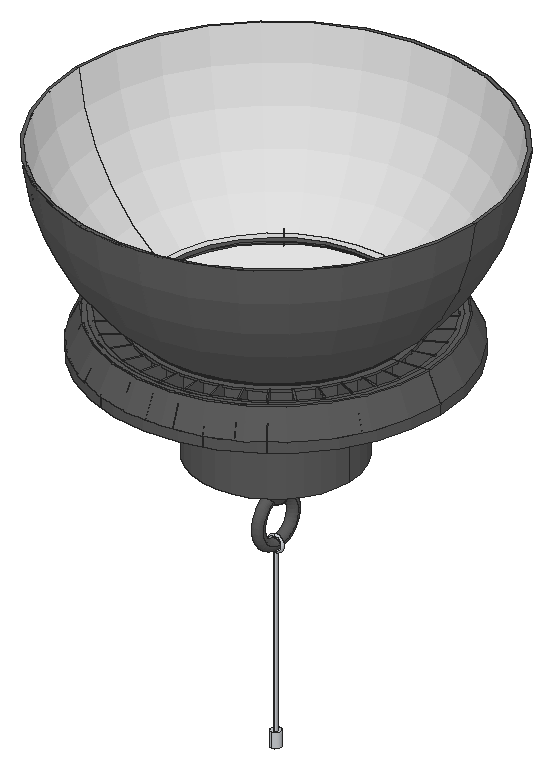
Revit family "0039346+0039360 Feilo Sylvania Lighting Fixture START HIGHBAY 4K 26KLM MEDIUM with ALU SHADE BLACK COLOR FOR 26KLM", category Lighting Fixtures, host Face, Revit 2017
Family settings
  Host = Face
  Round Connector Dimension = Use Diameter
  Part Type = Normal
  OmniClass Number = 23.80.70.00
  OmniClass Title = Lighting
  Cut with Voids When Loaded = No
  Light Source = Yes
  Shared = No
  Room Calculation Point = No
Parameters (values of type "0039346+0039360 START HIGHBAY 4K 26KLM MEDIUM ALU SHADE BLACK COLOR FOR 26KLM")
  WidthStraight_FEILO = if(SizeS_FEILO, 3 mm, if(SizeM_FEILO, 4 mm, 4.7 mm))  # 4.7 mm
  WidthRingChamfer_FEILO = if(SizeS_FEILO, 10.3 mm, if(SizeM_FEILO, 11.2 mm, 12.9 mm))  # 12.9 mm
  WidthCurved_FEILO = if(SizeS_FEILO, 17.4 mm, if(SizeM_FEILO, 16.4 mm, 26.2 mm))  # 26.2 mm
  WidthCurvedRing_FEILO = if(SizeS_FEILO, 3 mm, if(SizeM_FEILO, 4 mm, 4.7 mm))  # 4.7 mm
  WidthBracket_FEILO = 40 mm
  Weight = "3.7 kg"
  Wattage Comments = ""
  Wattage = 200 W
  WarrantyStartDate [instance] = "n/a"
  WarrantyGuarantorParts = "n/a"
  WarrantyDurationUnit = "n/a"
  WarrantyDurationParts = "n/a"
  WarrantyDescription = "n/a"
  built-in parameter 1150110 = 1 (stored number, unit not read)
  Voltage = 230 V
  VisibilityBracket_FEILO = no
  URL = "http://www.sylvania-lighting.com"
  TypeName = "START HIGHBAY 4K 26KLM MEDIUM ALU SHADE BLACK COLOR FOR 26KLM"
  Type Image = <None>
  Type Comments = "n/a"
  built-in parameter 1114217 = 1 (stored number, unit not read)
  Tilt Angle = -90.00°
  ThicknessWall_FEILO = 1.5 mm
  ThicknessBracket_FEILO = 1.5 mm
  ThicknessBracketHalf_FEILO = ThicknessBracket_FEILO / 2  # 0.75 mm
  built-in parameter 1150109 = 1 (stored number, unit not read)
  built-in parameter 1150134 = 12
  SuspensionHeight_FEILO [instance] = 400 mm
  built-in parameter 1150113 = 1 (stored number, unit not read)
  SizeS_FEILO = no
  SizeM_FEILO = no
  ShadeThickness_FEILO = 3 mm
  ShadeSizeSM_FEILO = or(SizeS_FEILO, SizeM_FEILO)  # no
  ShadeRadiusOut_FEILO = 205 mm
  ShadeRadiusIn_FEILO = if(ShadeSizeSM_FEILO, 95 mm, 121 mm)  # 121 mm
  ShadeRadiusBend_FEILO = if(ShadeSizeSM_FEILO, 210 mm, 210 mm)  # 210 mm
  ShadeHeight_FEILO = if(ShadeSizeSM_FEILO, 120 mm, 151 mm)  # 151 mm
  SerialNumber [instance] = "n/a"
  Rib4_FEILO = if(SizeS_FEILO, 18.1 mm, if(SizeM_FEILO, 13.6 mm, 14.6 mm))  # 14.6 mm
  Rib3_FEILO = if(SizeS_FEILO, 15.3 mm, if(SizeM_FEILO, 17.6 mm, 20.2 mm))  # 20.2 mm
  Rib2_FEILO = if(SizeS_FEILO, 3.6 mm, if(SizeM_FEILO, 3.9 mm, 4.5 mm))  # 4.5 mm
  Rib1_FEILO = if(SizeS_FEILO, 15.1 mm, if(SizeM_FEILO, 16.5 mm, 19 mm))  # 19 mm
  RadiusDiffuser_FEILO = if(SizeS_FEILO, 95.2 mm, if(SizeM_FEILO, 105.3 mm, 120 mm))  # 120 mm
  RadiusArrayPost_FEILO = DriverRadius_FEILO - 6 mm  # 70.4 mm
  RHRadius3_FEILO = if(SizeS_FEILO, 6.6 mm, if(SizeM_FEILO, 7.4 mm, 8.6 mm))  # 8.6 mm
  RHRadius2_FEILO = if(SizeS_FEILO, 11 mm, if(SizeM_FEILO, 12 mm, 14 mm))  # 14 mm
  RHRadius1_FEILO = if(SizeS_FEILO, 13.6 mm, if(SizeM_FEILO, 14.9 mm, 17.7 mm))  # 17.7 mm
  RHHeight4_FEILO = if(SizeS_FEILO, 7.3 mm, if(SizeM_FEILO, 8 mm, 9.2 mm))  # 9.2 mm
  RHHeight3_FEILO = if(SizeS_FEILO, 3.6 mm, if(SizeM_FEILO, 3.7 mm, 4.6 mm))  # 4.6 mm
  RHHeight2_FEILO = if(SizeS_FEILO, 2 mm, if(SizeM_FEILO, 2.2 mm, 2.6 mm))  # 2.6 mm
  RHHeight1_FEILO = if(SizeS_FEILO, 11.8 mm, if(SizeM_FEILO, 15.3 mm, 17.4 mm))  # 17.4 mm
  Photometric Web File = "0039346+0039360.ies"
  Material_5_FEILO = Shade-Sylvania-StartHighbay-Alu
  Material_3_FEILO = LED-Sylvania-StartHighbay-Glow
  PowerFactor = 0.95
  PowerConsumption = "200 W"
  NominalLength = 339 mm
  NominalHeight = 194 mm
  NominalDepth = 339 mm
  Name = "START HIGHBAY 4K 26KLM MEDIUM ALU SHADE BLACK COLOR FOR 26KLM"
  ModelReference = Name  # "START HIGHBAY 4K 26KLM MEDIUM ALU SHADE BLACK COLOR FOR 26KLM"
  ModelNumber = "0039346+0039360"
  Model = Name  # "START HIGHBAY 4K 26KLM MEDIUM ALU SHADE BLACK COLOR FOR 26KLM"
  Material = "aluminium alloy housing, polycarbonate diffuser"
  ManufacturerName = "Feilo Sylvania"
  Manufacturer = "Feilo Sylvania"
  LuminousEfficacy = "130 lm/W"
  built-in parameter 1150105 = 35336 (stored number, unit not read)
  Lumens = 26000 lm
  LuminaireType = ""
  built-in parameter 1150115 = 1 (stored number, unit not read)
  LightOutputRatio = "n/a"
  built-in parameter 1150137 = (empty or 0)
  built-in parameter 1150139 = (empty or 0)
  LampsType = Lamp  # "LED"
  LampNominalLuminous = "26000 lm"
  LampMacAdamStep = "n/a"
  LampColourTemperature = "4000 K"
  LampColourRenderingIndex = "80"
  built-in parameter 1150112 = 1 (stored number, unit not read)
  built-in parameter 1150114 = 1 (stored number, unit not read)
  Lamp = "LED"
  Keynote = "16500"
  InstallationDate [instance] = "n/a"
  InputVoltage = "220-240V~"
  InputNominalFrequency = "50/60 Hz"
  built-in parameter 1150132 = (empty or 0)
  built-in parameter 1150102 = (empty or 0)
  built-in parameter 1150107 = 4000 (stored number, unit not read)
  built-in parameter 1150138 = (empty or 0)
  IngressProtection = "IP65"
  ImpactProtectionIndex = "IK08"
  built-in parameter 1150106 = 353.36 (stored number, unit not read)
  IfcExportType = "IfcLightFixtureType"
  IfcExportAs = "IfcLightFixtureType"
  HeightRing_FEILO = if(SizeS_FEILO, 19.8 mm, if(SizeM_FEILO, 32 mm, 36.8 mm))  # 36.8 mm
  HeightRingChamfer_FEILO = if(SizeS_FEILO, 11.7 mm, if(SizeM_FEILO, 23.2 mm, 26.6 mm))  # 26.6 mm
  EyeThickness_FEILO = if(SizeS_FEILO, 8.4 mm, if(SizeM_FEILO, 9.2 mm, 10.5 mm))  # 10.5 mm
  EyeThicknessHalf_FEILO = EyeThickness_FEILO / 2  # 5.25 mm
  EyeInner_FEILO = if(SizeS_FEILO, 13.8 mm, if(SizeM_FEILO, 15.1 mm, 17.3 mm))  # 17.3 mm
  ExpectedLife = 50000
  Emit from Circle Diameter = RadiusDiffuser_FEILO * 2  # 240 mm
  Emit Shape Visible in Rendering = no
  ElectricShockClassification = "Class I"
  built-in parameter 1150104 = 12.077 (stored number, unit not read)
  DurationUnit = "hours"
  DriverVerticalStraight_FEILO = if(SizeS_FEILO, 46.5 mm, if(SizeM_FEILO, 49.7 mm, 57 mm))  # 57 mm
  DriverVerticalChamfer_FEILO = if(SizeS_FEILO, 7.5 mm, if(SizeM_FEILO, 8.2 mm, 9.5 mm))  # 9.5 mm
  DriverRadius_FEILO = if(SizeS_FEILO, 61.4 mm, if(SizeM_FEILO, 67.2 mm, 76.4 mm))  # 76.4 mm
  DriverRadiusTop_FEILO = if(SizeS_FEILO, 42 mm, if(SizeM_FEILO, 45.3 mm, 52.4 mm))  # 52.4 mm
  DriverBottom_FEILO = if(SizeS_FEILO, 56 mm, if(SizeM_FEILO, 64.5 mm, 74 mm))  # 74 mm
  DocumentationLiterature = "http://www.sylvania-lighting.com/product/en-int/products/0039346"
  DimmingControlOptions = "n/a"
  Material_2_FEILO = Diffuser-Sylvania-StartHighbay-Transparent
  Radius_FEILO = if(SizeS_FEILO, 135 mm, if(SizeM_FEILO, 148 mm, 169.5 mm))  # 169.5 mm
  Dimming Lamp Color Temperature Shift = <None>
  DiameterWire_FEILO = 3 mm
  DiameterWireSupport_FEILO = 10 mm
  Description = "START HIGHBAY, includes 1 m cables, black aluminium housing, 26000LM, 200W, 130lm/W, 4000K, Driver current: 5000mA, CR80, 60° beam angle, 1-10V dimmable,  IP65, IK08, 50,000 hrs (L70B50), (LxWxH) 339x339x194mm"
  Default Elevation = 1219.2 mm
  CreatedOn = "2/28/2018"
  CreatedBy = ""
  Cost = 0
  Color Filter = 16777215
  built-in parameter 1114216 [instance] = (empty or 0)
  ClassificationValue = "EF_70_80"
  ClassificationName = "Uniclass2015"
  Material_1_FEILO = Body-Sylvania-StartHighbay-Black
  BarCode [instance] = "n/a"
  built-in parameter 1114218 = 1 (stored number, unit not read)
  built-in parameter 1150133 = 10 (stored number, unit not read)
  AssetType = "Fixed"
  AssetIdentifier [instance] = "n/a"
  Assembly Code = "D5020200"
  Apparent Load = 200 VA
  Material_4_FEILO = Shade-Sylvania-StartHighbay-Black
Reference planes
  plane 1 "Center (Front/Back)": y = 0
  plane 2: z = 0
  plane 3 "Center (Left/Right)": x = 0
  plane 4: z = 400
  plane 5: x = -169.5
  plane 6: x = -156.6
  plane 7: z = 373.4
  plane 8: z = 363.2
  plane 9: x = -151.9
  plane 10: z = 397.375
  plane 11: x = -125.7
  plane 12: x = -120
  plane 13: x = -147.2
  plane 14: z = 398.375
  plane 15: z = 396.375
  plane 16: x = -117
  plane 17: z = 395.375
  plane 18: x = -168
  plane 19: x = -150.5
  plane 20: z = 358.7
  plane 21: x = -130.3
  plane 22: z = 344.1
  plane 23: x = -20
  plane 24: z = 326
  plane 25: x = -76.4
  plane 26: z = 269
  plane 27: x = -52.4
  plane 28: z = 259.5
  plane 29: x = -17.7
  plane 30: z = 242.1
  plane 31: z = 239.5
  plane 32: x = -14
  plane 33: z = 234.9
  plane 34: z = 225.7
  plane 35: x = -8.6
  plane 36: z = 208.4
  plane 37: z = 191.1
  plane 38: x = 5.25
  plane 39: x = -5.25
  plane 40: z = 180.6
  plane 41: z = 185.85
  plane 42: x = -162.3
  plane 43: x = -167
  plane 44: z = 361.7
  plane 45: x = -155.1
  plane 46: z = 297.5
  plane 47: y = -20
  plane 48: y = 20
  plane 49: x = 169.5
  plane 50: x = 156.6
  plane 51: x = 168
  plane 52: x = 162.3
  plane 53: x = 167
  plane 54: x = 155.1
  plane 55: z = 194.1
  plane 56: y = 1.5
  plane 57: y = -1.5
  plane 58: z = 192.6
  plane 59: z = 179.1
  plane 60: z = 177.6
  plane 61: y = -5
  plane 62: y = 5
  plane 63: z = 14
  plane 64: x = -205
  plane 65: z = 551
  plane 66: x = -121
  plane 67: x = -113
  plane 68: x = -202
  plane 69: z = 403
Forms (mm)
  Revolve 1, solid, material "Body-Sylvania-StartHighbay-Black" <- "Material_1_FEILO", detail levels medium+fine
    sketch origin (0, 0, 0) x (1, 0, 0) y (0, 0, 1)
      loop
        line (-169.5, 363.2) -> (-168, 363.2) -> (-168, 373.055) -> (-156.206, 397.375) -> (-147.2, 397.375) -> (-147.2, 399.137)
        arc (-147.2, 399.137) -> (-149.554, 399.547) -> (-151.9, 400) r 132.063
        line (-151.9, 400) -> (-156.141, 400)
        arc (-156.141, 400) -> (-156.63, 399.826) -> (-156.899, 399.383) r 0.774
        line (-156.899, 399.383) -> (-169.5, 373.4) -> (-169.5, 363.2)
      axis (0, 400) -> (0, 363.2)
    angle from 360 to 0
  Revolve 2, solid, material "Body-Sylvania-StartHighbay-Black" <- "Material_1_FEILO", detail levels medium+fine
    sketch origin (0, 0, 0) x (1, 0, 0) y (0, 0, 1)
      loop
        line (-125.7, 395.375) -> (-120, 395.375) -> (-120, 373.4) -> (0, 373.4) -> (0, 395.375) -> (-117, 395.375) -> (-117, 396.375) -> (-120, 396.375) -> (-120, 397.375) -> (-125.7, 397.375) -> (-125.7, 395.375)
      axis (0, 397.375) -> (0, 373.4)
    angle from 360 to 0
  Revolve 3, solid, material "Diffuser-Sylvania-StartHighbay-Transparent" <- "Material_2_FEILO", detail levels medium+fine
    sketch origin (0, 0, 0) x (1, 0, 0) y (0, 0, 1)
      loop
        line (-120, 396.375) -> (0, 396.375) -> (0, 398.375) -> (-120, 398.375) -> (-120, 396.375)
      axis (0, 398.375) -> (0, 396.375)
    angle from 360 to 0
  Revolve 4, solid, material "Body-Sylvania-StartHighbay-Black" <- "Material_1_FEILO"
    sketch origin (0, 0, 0) x (1, 0, 0) y (0, 0, 1)
      loop
        line (-76.4, 344.1) -> (-76.4, 269) -> (-52.4, 259.5) -> (-17.7, 259.5) -> (-17.7, 242.1) -> (-14, 239.5) -> (-14, 234.9) -> (-9.037, 226.426)
        arc (-9.037, 226.426) -> (-8.49, 225.894) -> (-7.753, 225.7) r 1.5
        line (-7.753, 225.7) -> (0, 225.7) -> (0, 344.1) -> (-76.4, 344.1)
      axis (0, 344.1) -> (0, 225.7)
    angle from 360 to 0
  Revolve 5, solid, material "Body-Sylvania-StartHighbay-Black" <- "Material_1_FEILO"
    sketch origin (0, 0, 0) x (1, 0, 0) y (0, 0, 1)
      loop
        circle (0, 185.85) r 5.25
      axis (5.25, 208.4) -> (-5.25, 208.4)
    angle from 360 to 0
  Extrusion 6, solid, material "Body-Sylvania-StartHighbay-Black" <- "Material_1_FEILO", visible <- "VisibilityBracket_FEILO"
    sketch origin (0, 0, 0) x (1, 0, 0) y (0, 0, 1)
      loop
        line (-167, 363.2) -> (-167, 361.7) -> (-157.35, 361.7)
        arc (-157.35, 361.7) -> (-156.82, 361.48) -> (-156.6, 360.95) r 0.75
        line (-156.6, 360.95) -> (-156.6, 297.5) -> (-155.1, 297.5) -> (-155.1, 361.7)
        arc (-155.1, 361.7) -> (-155.539, 362.761) -> (-156.6, 363.2) r 1.5
        line (-156.6, 363.2) -> (-167, 363.2)
      loop
        line (167, 363.2) -> (156.6, 363.2)
        arc (156.6, 363.2) -> (155.539, 362.761) -> (155.1, 361.7) r 1.5
        line (155.1, 361.7) -> (155.1, 297.5) -> (156.6, 297.5) -> (156.6, 360.95)
        arc (156.6, 360.95) -> (156.82, 361.48) -> (157.35, 361.7) r 0.75
        line (157.35, 361.7) -> (167, 361.7) -> (167, 363.2)
    from -20 to 20
  Extrusion 7, void
    sketch origin (0, 0, 0) x (0, 1, 0) y (0, 0, 1)
      loop
        arc (-10, 297.5) -> (-17.071, 300.429) -> (-20, 307.5) r 10
        line (-20, 307.5) -> (-25, 307.5) -> (-25, 292.5) -> (-10, 292.5) -> (-10, 297.5)
      loop
        line (10, 297.5) -> (10, 292.5) -> (25, 292.5) -> (25, 307.5) -> (20, 307.5)
        arc (20, 307.5) -> (17.071, 300.429) -> (10, 297.5) r 10
    from -156.6 to 156.6
  Revolve 8, solid, material "Body-Sylvania-StartHighbay-Black" <- "Material_1_FEILO", detail levels coarse
    sketch origin (0, 0, 0) x (1, 0, 0) y (0, 0, 1)
      loop
        line (0, 400) -> (-156.6, 400) -> (-169.5, 373.4) -> (-169.5, 363.2) -> (-150.5, 363.2) -> (-150.5, 358.7) -> (-130.3, 344.1) -> (0, 344.1) -> (0, 400)
      axis (0, 400) -> (0, 344.1)
    angle from 360 to 0
  Revolve 9, solid
    sketch origin (0, 0, 0) x (0, 1, 0) y (0, 0, 1)
      loop
        circle (0, 192.6) r 1.5
      axis (1.5, 185.85) -> (-1.5, 185.85)
    angle from 360 to 0
  Revolve 10, solid
    sketch origin (0, 0, 0) x (0, 1, 0) y (0, 0, 1)
      loop
        line (0, 0) -> (0, 179.1) -> (-1.5, 179.1) -> (-1.5, 14) -> (-5, 14) -> (-5, 0) -> (0, 0)
      axis (0, 0) -> (0, 179.1)
    angle from 360 to 0
  Revolve 11, solid, material "Shade-Sylvania-StartHighbay-Black" <- "Material_4_FEILO"
    sketch origin (0, 0, 0) x (1, 0, 0) y (0, 0, 1)
      loop
        line (-121, 400) -> (-113, 400) -> (-113, 403) -> (-120.341, 403)
        arc (-120.341, 403) -> (-177.055, 468.269) -> (-202.193, 551) r 207.203
        line (-202.193, 551) -> (-205, 551)
        arc (-205, 551) -> (-179.25, 466.46) -> (-121, 400) r 210
      axis (0, 551) -> (0, 400)
    angle from 360 to 0
Cuts and joins
  Extrusion 7 cuts Extrusion 6
Lines and regions (mm)
  reference lines
    curve 1: line (-169.5, 0, 373.4) -> (-156.6, 0, 400)
    curve 2: line (-125.7, 0, 397.375) -> (0, 0, 397.375)
    curve 3: arc (-125.7, 0, 397.375) -> (-138.866, 0, 398.033) -> (-151.9, 0, 400) r 132.063
    curve 4: line (-156.6, 0, 400) -> (-151.9, 0, 400)
    curve 5: line (-156.206, 0, 397.375) -> (-168, 0, 373.055)
    curve 6: line (-150.5, 0, 358.7) -> (-130.3, 0, 344.1)
    curve 7: line (-14, 0, 234.9) -> (-8.6, 0, 225.7)
    curve 8: circle (0, 0, 185.85) r 5.25 normal (0, -1, 0)
    curve 9: arc (-121, 0, 400) -> (-179.25, 0, 466.46) -> (-205, 0, 551) r 210
Dimensions and locks
  "Radius_FEILO": plane 3 "Center (Left/Right)" to plane 5
  "WidthRingChamfer_FEILO": plane 6 to plane 5
  "WidthStraight_FEILO": plane 9 to plane 6
  "WidthCurvedRing_FEILO": plane 13 to plane 9
  locked: plane 10 to plane 15 at 1
  locked: plane 14 to plane 10 at 1
  locked: plane 4 to plane 10 at 2.625
  locked: plane 15 to plane 17 at 1
  "ThicknessWall_FEILO": plane 18 to plane 5
  "ThicknessWall_FEILO": curve 5 to curve 1
  "HeightRingChamfer_FEILO": plane 4 to plane 7
  "HeightRing_FEILO": plane 4 to plane 8
  "RadiusDiffuser_FEILO": plane 3 "Center (Left/Right)" to plane 12
  locked: plane 16 to plane 12 at 3
  "WidthCurved_FEILO": plane 11 to plane 9
  "SuspensionHeight_FEILO": plane 4 to plane 2
  "Rib1_FEILO": plane 19 to plane 5
  "Rib2_FEILO": plane 8 to plane 20
  "Rib3_FEILO": plane 21 to plane 19
  "Rib4_FEILO": plane 20 to plane 22
  locked: plane 3 "Center (Left/Right)" to plane 23 at 20
  "DriverBottom_FEILO": plane 4 to plane 24
  "DriverRadius_FEILO": plane 3 "Center (Left/Right)" to plane 25
  "DriverVerticalStraight_FEILO": plane 24 to plane 26
  "DriverRadiusTop_FEILO": plane 3 "Center (Left/Right)" to plane 27
  "DriverVerticalChamfer_FEILO": plane 26 to plane 28
  "RHRadius1_FEILO": plane 3 "Center (Left/Right)" to plane 29
  "RHHeight2_FEILO": plane 30 to plane 31
  "RHRadius2_FEILO": plane 3 "Center (Left/Right)" to plane 32
  "RHHeight3_FEILO": plane 31 to plane 33
  "RHHeight4_FEILO": plane 33 to plane 34
  "RHRadius3_FEILO": plane 3 "Center (Left/Right)" to plane 35
  "RHHeight1_FEILO": plane 28 to plane 30
  "EyeInner_FEILO": plane 34 to plane 36
  "EyeInner_FEILO": plane 36 to plane 37
  equal spacing: plane 38, plane 3 "Center (Left/Right)", plane 39
  "EyeThickness_FEILO": plane 38 to plane 39
  "EyeThickness_FEILO": plane 37 to plane 40
  equal spacing: plane 37, plane 41, plane 40
  equal spacing: plane 6, plane 42, plane 18
  "ThicknessBracket_FEILO": plane 45 to plane 6
  "ThicknessBracket_FEILO": plane 8 to plane 44
  locked: plane 43 to plane 18 at 1
  equal spacing: plane 24, plane 46, plane 26
  equal spacing: plane 47, plane 1 "Center (Front/Back)", plane 48
  "WidthBracket_FEILO": plane 47 to plane 48
  "WidthRingChamfer_FEILO": plane 50 to plane 49
  "ThicknessWall_FEILO": plane 51 to plane 49
  equal spacing: plane 50, plane 52, plane 51
  "ThicknessBracket_FEILO": plane 54 to plane 50
  locked: plane 53 to plane 51 at 1
  "Radius_FEILO": plane 49 to plane 3 "Center (Left/Right)"
  equal spacing: plane 57, imposter light, plane 56
  "DiameterWire_FEILO": plane 57 to plane 56
  "DiameterWire_FEILO": plane 37 to plane 55
  equal spacing: plane 37, plane 58, plane 55
  "DiameterWire_FEILO": plane 60 to plane 40
  equal spacing: plane 60, plane 59, plane 40
  equal spacing: plane 61, plane 1 "Center (Front/Back)", plane 62
  "DiameterWireSupport_FEILO": plane 61 to plane 62
  locked: plane 63 to plane 2 at 14
  "ShadeRadiusOut_FEILO": plane 3 "Center (Left/Right)" to plane 64
  "ShadeHeight_FEILO": plane 65 to plane 4
  "ShadeRadiusIn_FEILO": plane 3 "Center (Left/Right)" to plane 66
  locked: plane 67 to plane 66 at 8
  "ShadeThickness_FEILO": plane 69 to plane 4
  "ShadeThickness_FEILO": plane 68 to plane 64
  "EyeThicknessHalf_FEILO": radius of curve 8
  "ThicknessBracket_FEILO": radius of Extrusion 6 sketch curve  (x2)
  "ThicknessBracketHalf_FEILO": radius of Extrusion 6 sketch curve  (x2)
  "DiameterWire_FEILO": diameter of Revolve 9 sketch curve
  "ShadeRadiusBend_FEILO": radius of curve 9
  aligned and locked: plane 2 to host face
  aligned and locked: level to host face
  aligned and locked: plane 5 to curve 1
  aligned and locked: plane 6 to curve 1
  aligned and locked: plane 7 to curve 1
  aligned and locked: plane 10 to curve 2
  aligned and locked: plane 9 to curve 3
  aligned and locked: plane 4 to curve 3
  aligned and locked: plane 11 to curve 3
  aligned and locked: plane 4 to curve 4
  aligned and locked: plane 18 to curve 5
  aligned and locked: plane 10 to curve 5
  aligned and locked: Revolve 1 sketch curve to plane 3 "Center (Left/Right)"
  aligned and locked: Revolve 1 sketch curve to curve 3
  aligned and locked: Revolve 1 sketch curve to curve 1
  aligned and locked: plane 4 to Revolve 1 sketch curve
  aligned and locked: plane 9 to Revolve 1 sketch curve
  aligned and locked: Revolve 1 sketch curve to plane 13
  aligned and locked: Revolve 1 sketch curve to plane 10
  aligned and locked: plane 13 to Revolve 1 sketch curve
  aligned and locked: plane 10 to Revolve 1 sketch curve
  aligned and locked: Revolve 1 sketch curve to plane 18
  aligned and locked: Revolve 1 sketch curve to plane 8
  aligned and locked: plane 5 to Revolve 1 sketch curve  (x2)
  aligned and locked: Revolve 2 sketch curve to plane 3 "Center (Left/Right)"
  aligned and locked: plane 11 to Revolve 2 sketch curve
  aligned and locked: Revolve 2 sketch curve to curve 2
  aligned and locked: plane 15 to Revolve 2 sketch curve
  aligned and locked: Revolve 2 sketch curve to plane 16
  aligned and locked: plane 17 to Revolve 2 sketch curve  (x2)
  aligned and locked: Revolve 2 sketch curve to plane 12
  aligned and locked: plane 7 to Revolve 2 sketch curve
  aligned and locked: Revolve 3 sketch curve to plane 3 "Center (Left/Right)"
  aligned and locked: Revolve 3 sketch curve to plane 14
  aligned and locked: plane 3 "Center (Left/Right)" to Revolve 3 sketch curve
  aligned and locked: Revolve 3 sketch curve to plane 12
  aligned and locked: plane 15 to Revolve 3 sketch curve
  aligned and locked: Revolve 1 sketch curve to curve 5
  aligned and locked: plane 22 to curve 6
  aligned and locked: plane 21 to curve 6
  aligned and locked: plane 20 to curve 6
  aligned and locked: plane 19 to curve 6
  aligned and locked: plane 33 to curve 7
  aligned and locked: plane 32 to curve 7
  aligned and locked: plane 35 to curve 7
  aligned and locked: plane 34 to curve 7
  aligned and locked: Revolve 4 sketch curve to plane 3 "Center (Left/Right)"
  aligned and locked: Revolve 4 sketch curve to plane 25
  aligned and locked: plane 27 to Revolve 4 sketch curve
  aligned and locked: plane 28 to Revolve 4 sketch curve
  aligned and locked: plane 30 to Revolve 4 sketch curve
  aligned and locked: Revolve 4 sketch curve to plane 29
  aligned and locked: plane 31 to Revolve 4 sketch curve
  aligned and locked: Revolve 4 sketch curve to curve 7
  aligned and locked: Revolve 4 sketch curve to plane 32
  aligned and locked: plane 34 to Revolve 4 sketch curve
  aligned and locked: plane 3 "Center (Left/Right)" to Revolve 4 sketch curve
  aligned and locked: plane 3 "Center (Left/Right)" to curve 8
  aligned and locked: plane 41 to curve 8
  aligned and locked: Revolve 5 sketch curve to plane 36
  aligned and locked: Revolve 5 sketch curve to curve 8
  aligned and locked: plane 43 to Extrusion 6 sketch curve  (x2)
  aligned and locked: plane 8 to Extrusion 6 sketch curve  (x3)
  aligned and locked: Extrusion 6 sketch curve to plane 45
  aligned and locked: Extrusion 6 sketch curve to plane 46  (x2)
  aligned and locked: plane 6 to Extrusion 6 sketch curve
  aligned and locked: Extrusion 6 sketch curve to plane 44  (x2)
  aligned and locked: Extrusion 6 to plane 48
  aligned and locked: plane 47 to Extrusion 6
  aligned and locked: plane 53 to Extrusion 6 sketch curve
  aligned and locked: plane 50 to Extrusion 6 sketch curve
  aligned and locked: Extrusion 6 sketch curve to plane 54
  aligned and locked: Extrusion 7 sketch curve to Extrusion 7 sketch curve
  aligned and locked: Extrusion 7 to plane 6
  aligned and locked: Extrusion 7 to Extrusion 6
  aligned and locked: Revolve 4 sketch curve to plane 22
  aligned and locked: plane 23 to nested 1
  aligned and locked: plane 1 "Center (Front/Back)" to nested 1
  aligned and locked: Revolve 8 sketch curve to plane 3 "Center (Left/Right)"
  aligned and locked: Revolve 8 sketch curve to plane 4
  aligned and locked: plane 6 to Revolve 8 sketch curve
  aligned and locked: plane 4 to Revolve 8 sketch curve
  aligned and locked: plane 7 to Revolve 8 sketch curve
  aligned and locked: Revolve 8 sketch curve to plane 5
  aligned and locked: plane 8 to Revolve 8 sketch curve  (x2)
  aligned and locked: Revolve 8 sketch curve to plane 19
  aligned and locked: plane 20 to Revolve 8 sketch curve
  aligned and locked: plane 19 to Revolve 8 sketch curve
  aligned and locked: plane 21 to Revolve 8 sketch curve
  aligned and locked: plane 22 to Revolve 8 sketch curve  (x2)
  aligned and locked: Revolve 8 sketch curve to Revolve 8 sketch curve
  aligned and locked: imposter light to plane 4
  aligned and locked: plane 3 "Center (Left/Right)" to imposter light
  aligned and locked: imposter light to plane 1 "Center (Front/Back)"
  aligned and locked: Revolve 9 sketch curve to plane 41
  aligned and locked: Revolve 10 sketch curve to plane 1 "Center (Front/Back)"
  aligned and locked: plane 1 "Center (Front/Back)" to Revolve 10 sketch curve  (x2)
  aligned and locked: host face to Revolve 10 sketch curve
  aligned and locked: plane 63 to Revolve 10 sketch curve
  aligned and locked: Revolve 10 sketch curve to plane 61
  aligned and locked: Revolve 10 sketch curve to plane 57
  aligned and locked: plane 59 to Revolve 10 sketch curve
  aligned and locked: plane 64 to curve 9
  aligned and locked: plane 65 to curve 9
  aligned and locked: plane 66 to curve 9
  aligned and locked: plane 4 to curve 9
  aligned and locked: Revolve 11 sketch curve to curve 9
  aligned and locked: plane 67 to Revolve 11 sketch curve
  aligned and locked: plane 66 to Revolve 11 sketch curve
  aligned and locked: plane 65 to Revolve 11 sketch curve  (x2)
  aligned and locked: Revolve 11 sketch curve to plane 67
  aligned and locked: plane 69 to Revolve 11 sketch curve
Automatic sketch dimensions
  host sketch curve to host sketch curve = 2438.4 mm  (x2)
  Revolve 1 sketch curve to plane 6 = 0.299 mm
  plane 6 to Revolve 1 sketch curve = 0.459 mm
  Revolve 1 sketch curve to level = 609.6 mm
  Revolve 1 sketch curve to Revolve 1 sketch curve = 2312.223 mm
  Revolve 2 sketch curve to plane 12 = 0 mm
  Revolve 2 sketch curve to plane 3 "Center (Left/Right)" = 0 mm
  Revolve 2 sketch curve to level = 609.6 mm
  Revolve 2 sketch curve to plane 4 = 2339.058 mm
  Revolve 3 sketch curve to level = 609.6 mm
  Revolve 3 sketch curve to plane 4 = 2339.058 mm
  Revolve 5 sketch curve to plane 5 = 1080 mm
  plane 38 to Revolve 5 sketch curve = 1219.2 mm
  Extrusion 7 sketch curve to plane 47 = 0 mm
  plane 46 to Extrusion 7 sketch curve = 0 mm  (x2)
  Extrusion 7 sketch curve to plane 48 = 0 mm
  plane 47 to Extrusion 7 sketch curve = 5 mm
  plane 1 "Center (Front/Back)" to Extrusion 7 sketch curve = 10 mm
  Extrusion 7 sketch curve to Extrusion 7 sketch curve = 10 mm
  plane 46 to Extrusion 7 sketch curve = 5 mm
  Extrusion 7 sketch curve to Extrusion 7 sketch curve = 5 mm
  Extrusion 7 sketch curve to plane 48 = 5 mm
  Revolve 4 sketch curve to plane 26 = 0 mm
  Revolve 4 sketch curve to plane 35 = 0.437 mm
  plane 35 to Revolve 4 sketch curve = 0.847 mm
  Revolve 4 sketch curve to plane 34 = 0.726 mm
  plane 40 to Revolve 4 sketch curve = 590.2 mm
  Revolve 4 sketch curve to plane 4 = 2339.058 mm
  Revolve 8 sketch curve to level = 609.6 mm
  Revolve 8 sketch curve to Revolve 8 sketch curve = 2386.058 mm
  Revolve 9 sketch curve to plane 1 "Center (Front/Back)" = 0 mm
  plane 58 to Revolve 9 sketch curve = 0 mm
  plane 47 to Revolve 9 sketch curve = 2534.941 mm
  Revolve 9 sketch curve to plane 48 = 2077.409 mm
  Revolve 10 sketch curve to Revolve 10 sketch curve = 609.6 mm
  Revolve 10 sketch curve to plane 4 = 2123.807 mm
  curve 2 to plane 3 "Center (Left/Right)" = 0 mm
  Revolve 11 sketch curve to Revolve 11 sketch curve = 0 mm  (x2)
  Revolve 11 sketch curve to plane 3 "Center (Left/Right)" = 0 mm
  plane 66 to Revolve 11 sketch curve = 0.659 mm
  Revolve 11 sketch curve to level = 609.6 mm
  Revolve 11 sketch curve to Revolve 11 sketch curve = 2068.248 mm
Nested families
  nested 1: "Start Highbay Rib" at (0, 0, 397.375), type "Type Name", detail levels medium+fine
    with SuspensionHeight_FEILO 2.6 mm
  nested 2: "Start Highbay Rib" at (0, 0, 397.375) x (0.9877, 0.1564, 0) z (0, 0, 1), type "Type Name", detail levels medium+fine
    with SuspensionHeight_FEILO 2.6 mm
  nested 3: "Start Highbay Rib" at (0, 0, 397.375) x (0.9511, 0.309, 0) z (0, 0, 1), type "Type Name", detail levels medium+fine
    with SuspensionHeight_FEILO 2.6 mm
  nested 4: "Start Highbay Rib" at (0, 0, 397.375) x (0.891, 0.454, 0) z (0, 0, 1), type "Type Name", detail levels medium+fine
    with SuspensionHeight_FEILO 2.6 mm
  nested 5: "Start Highbay Rib" at (0, 0, 397.375) x (0.809, 0.5878, 0) z (0, 0, 1), type "Type Name", detail levels medium+fine
    with SuspensionHeight_FEILO 2.6 mm
  nested 6: "Start Highbay Rib" at (0, 0, 397.375) x (0.7071, 0.7071, 0) z (0, 0, 1), type "Type Name", detail levels medium+fine
    with SuspensionHeight_FEILO 2.6 mm
  nested 7: "Start Highbay Rib" at (0, 0, 397.375) x (0.5878, 0.809, 0) z (0, 0, 1), type "Type Name", detail levels medium+fine
    with SuspensionHeight_FEILO 2.6 mm
  nested 8: "Start Highbay Rib" at (0, 0, 397.375) x (0.454, 0.891, 0) z (0, 0, 1), type "Type Name", detail levels medium+fine
    with SuspensionHeight_FEILO 2.6 mm
  nested 9: "Start Highbay Rib" at (0, 0, 397.375) x (0.309, 0.9511, 0) z (0, 0, 1), type "Type Name", detail levels medium+fine
    with SuspensionHeight_FEILO 2.6 mm
  nested 10: "Start Highbay Rib" at (0, 0, 397.375) x (0.1564, 0.9877, 0) z (0, 0, 1), type "Type Name", detail levels medium+fine
    with SuspensionHeight_FEILO 2.6 mm
  nested 11: "Start Highbay Rib" at (0, 0, 397.375) x (0, 1, 0) z (0, 0, 1), type "Type Name", detail levels medium+fine
    with SuspensionHeight_FEILO 2.6 mm
  nested 12: "Start Highbay Rib" at (0, 0, 397.375) x (-0.1564, 0.9877, 0) z (0, 0, 1), type "Type Name", detail levels medium+fine
    with SuspensionHeight_FEILO 2.6 mm
  nested 13: "Start Highbay Rib" at (0, 0, 397.375) x (-0.309, 0.9511, 0) z (0, 0, 1), type "Type Name", detail levels medium+fine
    with SuspensionHeight_FEILO 2.6 mm
  nested 14: "Start Highbay Rib" at (0, 0, 397.375) x (-0.454, 0.891, 0) z (0, 0, 1), type "Type Name", detail levels medium+fine
    with SuspensionHeight_FEILO 2.6 mm
  nested 15: "Start Highbay Rib" at (0, 0, 397.375) x (-0.5878, 0.809, 0) z (0, 0, 1), type "Type Name", detail levels medium+fine
    with SuspensionHeight_FEILO 2.6 mm
  nested 16: "Start Highbay Rib" at (0, 0, 397.375) x (-0.7071, 0.7071, 0) z (0, 0, 1), type "Type Name", detail levels medium+fine
    with SuspensionHeight_FEILO 2.6 mm
  nested 17: "Start Highbay Rib" at (0, 0, 397.375) x (-0.809, 0.5878, 0) z (0, 0, 1), type "Type Name", detail levels medium+fine
    with SuspensionHeight_FEILO 2.6 mm
  nested 18: "Start Highbay Rib" at (0, 0, 397.375) x (-0.891, 0.454, 0) z (0, 0, 1), type "Type Name", detail levels medium+fine
    with SuspensionHeight_FEILO 2.6 mm
  nested 19: "Start Highbay Rib" at (0, 0, 397.375) x (-0.9511, 0.309, 0) z (0, 0, 1), type "Type Name", detail levels medium+fine
    with SuspensionHeight_FEILO 2.6 mm
  nested 20: "Start Highbay Rib" at (0, 0, 397.375) x (-0.9877, 0.1564, 0) z (0, 0, 1), type "Type Name", detail levels medium+fine
    with SuspensionHeight_FEILO 2.6 mm
  nested 21: "Start Highbay Rib" at (0, 0, 397.375) x (-1, 0, 0) z (0, 0, 1), type "Type Name", detail levels medium+fine
    with SuspensionHeight_FEILO 2.6 mm
  nested 22: "Start Highbay Rib" at (0, 0, 397.375) x (-0.9877, -0.1564, 0) z (0, 0, 1), type "Type Name", detail levels medium+fine
    with SuspensionHeight_FEILO 2.6 mm
  nested 23: "Start Highbay Rib" at (0, 0, 397.375) x (-0.9511, -0.309, 0) z (0, 0, 1), type "Type Name", detail levels medium+fine
    with SuspensionHeight_FEILO 2.6 mm
  nested 24: "Start Highbay Rib" at (0, 0, 397.375) x (-0.891, -0.454, 0) z (0, 0, 1), type "Type Name", detail levels medium+fine
    with SuspensionHeight_FEILO 2.6 mm
  nested 25: "Start Highbay Rib" at (0, 0, 397.375) x (-0.809, -0.5878, 0) z (0, 0, 1), type "Type Name", detail levels medium+fine
    with SuspensionHeight_FEILO 2.6 mm
  nested 26: "Start Highbay Rib" at (0, 0, 397.375) x (-0.7071, -0.7071, 0) z (0, 0, 1), type "Type Name", detail levels medium+fine
    with SuspensionHeight_FEILO 2.6 mm
  nested 27: "Start Highbay Rib" at (0, 0, 397.375) x (-0.5878, -0.809, 0) z (0, 0, 1), type "Type Name", detail levels medium+fine
    with SuspensionHeight_FEILO 2.6 mm
  nested 28: "Start Highbay Rib" at (0, 0, 397.375) x (-0.454, -0.891, 0) z (0, 0, 1), type "Type Name", detail levels medium+fine
    with SuspensionHeight_FEILO 2.6 mm
  nested 29: "Start Highbay Rib" at (0, 0, 397.375) x (-0.309, -0.9511, 0) z (0, 0, 1), type "Type Name", detail levels medium+fine
    with SuspensionHeight_FEILO 2.6 mm
  nested 30: "Start Highbay Rib" at (0, 0, 397.375) x (-0.1564, -0.9877, 0) z (0, 0, 1), type "Type Name", detail levels medium+fine
    with SuspensionHeight_FEILO 2.6 mm
  nested 31: "Start Highbay Rib" at (0, 0, 397.375) x (0, -1, 0) z (0, 0, 1), type "Type Name", detail levels medium+fine
    with SuspensionHeight_FEILO 2.6 mm
  nested 32: "Start Highbay Rib" at (0, 0, 397.375) x (0.1564, -0.9877, 0) z (0, 0, 1), type "Type Name", detail levels medium+fine
    with SuspensionHeight_FEILO 2.6 mm
  nested 33: "Start Highbay Rib" at (0, 0, 397.375) x (0.309, -0.9511, 0) z (0, 0, 1), type "Type Name", detail levels medium+fine
    with SuspensionHeight_FEILO 2.6 mm
  nested 34: "Start Highbay Rib" at (0, 0, 397.375) x (0.454, -0.891, 0) z (0, 0, 1), type "Type Name", detail levels medium+fine
    with SuspensionHeight_FEILO 2.6 mm
  nested 35: "Start Highbay Rib" at (0, 0, 397.375) x (0.5878, -0.809, 0) z (0, 0, 1), type "Type Name", detail levels medium+fine
    with SuspensionHeight_FEILO 2.6 mm
  nested 36: "Start Highbay Rib" at (0, 0, 397.375) x (0.7071, -0.7071, 0) z (0, 0, 1), type "Type Name", detail levels medium+fine
    with SuspensionHeight_FEILO 2.6 mm
  nested 37: "Start Highbay Rib" at (0, 0, 397.375) x (0.809, -0.5878, 0) z (0, 0, 1), type "Type Name", detail levels medium+fine
    with SuspensionHeight_FEILO 2.6 mm
  nested 38: "Start Highbay Rib" at (0, 0, 397.375) x (0.891, -0.454, 0) z (0, 0, 1), type "Type Name", detail levels medium+fine
    with SuspensionHeight_FEILO 2.6 mm
  nested 39: "Start Highbay Rib" at (0, 0, 397.375) x (0.9511, -0.309, 0) z (0, 0, 1), type "Type Name", detail levels medium+fine
    with SuspensionHeight_FEILO 2.6 mm
  nested 40: "Start Highbay Rib" at (0, 0, 397.375) x (0.9877, -0.1564, 0) z (0, 0, 1), type "Type Name", detail levels medium+fine
    with SuspensionHeight_FEILO 2.6 mm
Connectors
  electrical at (0, 0, 0), driven by "Apparent Load", driven by "PowerFactor", driven by "Voltage"
    settings: index 1, voltage 230 V, apparent load 200 VA, apparent load phase1 0 VA, apparent load phase2 0 VA, apparent load phase3 0 VA, power factor 0.95, load classification "Lighting", number of poles 1, system type 30, power factor state 1, is connector primary yes, connector utility no, sub classification motor no, connector description ""
Definition of nested family "Start Highbay Rib"
  Parameters (values of type "Type Name")
    WidthStraight_FEILO = if(SizeS_FEILO, 3 mm, if(SizeM_FEILO, 4 mm, 4.7 mm))  # 3 mm
    WidthRingChamfer_FEILO = if(SizeS_FEILO, 10.3 mm, if(SizeM_FEILO, 11.2 mm, 12.9 mm))  # 10.3 mm
    WidthCurved_FEILO = if(SizeS_FEILO, 17.4 mm, if(SizeM_FEILO, 16.4 mm, 26.2 mm))  # 17.4 mm
    WidthCurvedRing_FEILO = if(SizeS_FEILO, 3 mm, if(SizeM_FEILO, 4 mm, 4.7 mm))  # 3 mm
    WidthBracket_FEILO = 40 mm
    URL = "http://www.feilosylvania.com"
    Type Image = (empty or 0)
    Type Comments = "n/a"
    ThicknessWall_FEILO = 1.5 mm
    ThicknessBracket_FEILO = 1.5 mm
    ThicknessBracketHalf_FEILO = ThicknessBracket_FEILO / 2  # 0.75 mm
    SuspensionHeight_FEILO [instance] = 2.6 mm
    SizeS_FEILO = yes
    SizeM_FEILO = no
    Rib4_FEILO = if(SizeS_FEILO, 18.1 mm, if(SizeM_FEILO, 13.6 mm, 14.6 mm))  # 18.1 mm
    Rib3_FEILO = if(SizeS_FEILO, 15.3 mm, if(SizeM_FEILO, 17.6 mm, 20.2 mm))  # 15.3 mm
    Rib2_FEILO = if(SizeS_FEILO, 3.6 mm, if(SizeM_FEILO, 3.9 mm, 4.5 mm))  # 3.6 mm
    Rib1_FEILO = if(SizeS_FEILO, 15.1 mm, if(SizeM_FEILO, 16.5 mm, 19 mm))  # 15.1 mm
    RadiusRib_FEILO = 2 mm
    RadiusDiffuser_FEILO = if(SizeS_FEILO, 95.2 mm, if(SizeM_FEILO, 105.3 mm, 120 mm))  # 95.2 mm
    RHRadius3_FEILO = if(SizeS_FEILO, 6.6 mm, if(SizeM_FEILO, 7.4 mm, 8.6 mm))  # 6.6 mm
    RHRadius2_FEILO = if(SizeS_FEILO, 11 mm, if(SizeM_FEILO, 12 mm, 14 mm))  # 11 mm
    RHRadius1_FEILO = if(SizeS_FEILO, 13.6 mm, if(SizeM_FEILO, 14.9 mm, 17.7 mm))  # 13.6 mm
    RHHeight4_FEILO = if(SizeS_FEILO, 7.3 mm, if(SizeM_FEILO, 8 mm, 9.2 mm))  # 7.3 mm
    RHHeight3_FEILO = if(SizeS_FEILO, 3.6 mm, if(SizeM_FEILO, 3.7 mm, 4.6 mm))  # 3.6 mm
    RHHeight2_FEILO = if(SizeS_FEILO, 2 mm, if(SizeM_FEILO, 2.2 mm, 2.6 mm))  # 2 mm
    RHHeight1_FEILO = if(SizeS_FEILO, 11.8 mm, if(SizeM_FEILO, 15.3 mm, 17.4 mm))  # 11.8 mm
    Material_3_FEILO = none
    Model = ""
    Manufacturer = "Feilo Sylvania"
    Keynote = "16500"
    HeightRing_FEILO = if(SizeS_FEILO, 19.8 mm, if(SizeM_FEILO, 32 mm, 36.8 mm))  # 19.8 mm
    HeightRingChamfer_FEILO = if(SizeS_FEILO, 11.7 mm, if(SizeM_FEILO, 23.2 mm, 26.6 mm))  # 11.7 mm
    EyeThickness_FEILO = if(SizeS_FEILO, 8.4 mm, if(SizeM_FEILO, 9.2 mm, 10.5 mm))  # 8.4 mm
    EyeThicknessHalf_FEILO = EyeThickness_FEILO / 2  # 4.2 mm
    EyeInner_FEILO = if(SizeS_FEILO, 13.8 mm, if(SizeM_FEILO, 15.1 mm, 17.3 mm))  # 13.8 mm
    DriverVerticalStraight_FEILO = if(SizeS_FEILO, 46.5 mm, if(SizeM_FEILO, 49.7 mm, 57 mm))  # 46.5 mm
    DriverVerticalChamfer_FEILO = if(SizeS_FEILO, 7.5 mm, if(SizeM_FEILO, 8.2 mm, 9.5 mm))  # 7.5 mm
    DriverRadius_FEILO = if(SizeS_FEILO, 61.4 mm, if(SizeM_FEILO, 67.2 mm, 76.4 mm))  # 61.4 mm
    DriverRadiusTop_FEILO = if(SizeS_FEILO, 42 mm, if(SizeM_FEILO, 45.3 mm, 52.4 mm))  # 42 mm
    DriverBottom_FEILO = if(SizeS_FEILO, 56 mm, if(SizeM_FEILO, 64.5 mm, 74 mm))  # 56 mm
    Material_2_FEILO = none
    Radius_FEILO = if(SizeS_FEILO, 135 mm, if(SizeM_FEILO, 148 mm, 169.5 mm))  # 135 mm
    Description = ""
    Default Elevation = 1219.2 mm
    Cost = 0
    Material_1_FEILO = none
    Assembly Code = "D5020200"
    Material_4_FEILO = none
  Reference planes
    plane 1 "Center (Front/Back)": y = 0
    plane 2: z = 0
    plane 3 "Center (Left/Right)": x = 0
    plane 4: z = 2.6
    plane 5: x = -135
    plane 6: x = -124.7
    plane 7: z = -9.1
    plane 8: z = -17.2
    plane 9: x = -121.7
    plane 10: z = -0.025
    plane 11: x = -104.3
    plane 12: x = -95.2
    plane 13: x = -118.7
    plane 14: z = 0.975
    plane 15: z = -1.025
    plane 16: x = -92.2
    plane 17: z = -2.025
    plane 18: x = -133.5
    plane 19: x = -119.9
    plane 20: z = -20.8
    plane 21: x = -104.6
    plane 22: z = -38.9
    plane 23: x = -20
    plane 24: z = -53.4
    plane 25: x = -61.4
    plane 26: z = -99.9
    plane 27: x = -42
    plane 28: z = -107.4
    plane 29: x = -13.6
    plane 30: z = -119.2
    plane 31: z = -121.2
    plane 32: x = -11
    plane 33: z = -124.8
    plane 34: z = -132.1
    plane 35: x = -6.6
    plane 36: z = -145.9
    plane 37: z = -159.7
    plane 38: x = 4.2
    plane 39: x = -4.2
    plane 40: z = -168.1
    plane 41: z = -163.9
    plane 42: x = -129.1
    plane 43: x = -132.5
    plane 44: z = -18.7
    plane 45: x = -123.2
    plane 46: z = -76.65
    plane 47: y = -20
    plane 48: y = 20
    plane 49: x = 135
    plane 50: x = 124.7
    plane 51: x = 133.5
    plane 52: x = 129.1
    plane 53: x = 132.5
    plane 54: x = 123.2
    plane 55: y = 0.75
    plane 56: y = -0.75
  Forms (mm)
    Extrusion 1, solid
      sketch origin (4.2, 0, 0) x (1, 0, 0) y (0, 1, 0)
        loop
          line (-1219.2, 1219.2) -> (-1219.2, -1219.2) -> (1219.2, -1219.2) -> (1219.2, 1219.2) -> (-1219.2, 1219.2)
      from 0 to -68.017
    Extrusion 2, solid, material <- "Material_1_FEILO"
      sketch origin (0, 0, 0) x (1, 0, 0) y (0, 0, 1)
        loop
          arc (-104.3, -0.025) -> (-111.555, 0.423) -> (-118.7, 1.76) r 58.981
          line (-118.7, 1.76) -> (-118.7, -0.025) -> (-125.012, -0.025) -> (-133.5, -9.666) -> (-133.5, -17.2) -> (-119.9, -17.2) -> (-119.9, -20.068)
          arc (-119.9, -20.068) -> (-119.778, -20.755) -> (-119.427, -21.359) r 2
          line (-119.427, -21.359) -> (-104.966, -38.467)
          arc (-104.966, -38.467) -> (-104.381, -38.789) -> (-103.723, -38.9) r 2
          line (-103.723, -38.9) -> (-20, -38.9) -> (-20, -9.1) -> (-95.2, -9.1) -> (-95.2, -2.025) -> (-104.3, -2.025) -> (-104.3, -0.025)
      from -0.75 to 0.75
  Lines and regions (mm)
    reference lines
      curve 1: line (-135, 0, -9.1) -> (-124.7, 0, 2.6)
      curve 2: line (-104.3, 0, -0.025) -> (0, 0, -0.025)
      curve 3: arc (-104.3, 0, -0.025) -> (-113.098, 0, 0.635) -> (-121.7, 0, 2.6) r 58.981
      curve 4: line (-124.7, 0, 2.6) -> (-121.7, 0, 2.6)
      curve 5: line (-125.012, 0, -0.025) -> (-133.5, 0, -9.666)
      curve 6: line (-119.9, 0, -20.8) -> (-104.6, 0, -38.9)
  Dimensions and locks
    "Radius_FEILO": plane 3 "Center (Left/Right)" to plane 5
    "WidthRingChamfer_FEILO": plane 6 to plane 5
    "WidthStraight_FEILO": plane 9 to plane 6
    "WidthCurvedRing_FEILO": plane 13 to plane 9
    locked: plane 10 to plane 15 at 1
    locked: plane 14 to plane 10 at 1
    locked: plane 4 to plane 10 at 2.625
    locked: plane 15 to plane 17 at 1
    "ThicknessWall_FEILO": plane 18 to plane 5
    "ThicknessWall_FEILO": curve 5 to curve 1
    "HeightRingChamfer_FEILO": plane 4 to plane 7
    "HeightRing_FEILO": plane 4 to plane 8
    "RadiusDiffuser_FEILO": plane 3 "Center (Left/Right)" to plane 12
    locked: plane 16 to plane 12 at 3
    "WidthCurved_FEILO": plane 11 to plane 9
    "SuspensionHeight_FEILO": plane 4 to plane 2
    "Rib1_FEILO": plane 19 to plane 5
    "Rib2_FEILO": plane 8 to plane 20
    "Rib3_FEILO": plane 21 to plane 19
    "Rib4_FEILO": plane 20 to plane 22
    locked: plane 3 "Center (Left/Right)" to plane 23 at 20
    "DriverBottom_FEILO": plane 4 to plane 24
    "DriverRadius_FEILO": plane 3 "Center (Left/Right)" to plane 25
    "DriverVerticalStraight_FEILO": plane 24 to plane 26
    "DriverRadiusTop_FEILO": plane 3 "Center (Left/Right)" to plane 27
    "DriverVerticalChamfer_FEILO": plane 26 to plane 28
    "RHRadius1_FEILO": plane 3 "Center (Left/Right)" to plane 29
    "RHHeight2_FEILO": plane 30 to plane 31
    "RHRadius2_FEILO": plane 3 "Center (Left/Right)" to plane 32
    "RHHeight3_FEILO": plane 31 to plane 33
    "RHHeight4_FEILO": plane 33 to plane 34
    "RHRadius3_FEILO": plane 3 "Center (Left/Right)" to plane 35
    "RHHeight1_FEILO": plane 28 to plane 30
    "EyeInner_FEILO": plane 34 to plane 36
    "EyeInner_FEILO": plane 36 to plane 37
    equal spacing: plane 38, plane 3 "Center (Left/Right)", plane 39
    "EyeThickness_FEILO": plane 38 to plane 39
    "EyeThickness_FEILO": plane 37 to plane 40
    equal spacing: plane 37, plane 41, plane 40
    equal spacing: plane 6, plane 42, plane 18
    "ThicknessBracket_FEILO": plane 45 to plane 6
    "ThicknessBracket_FEILO": plane 8 to plane 44
    locked: plane 43 to plane 18 at 1
    equal spacing: plane 24, plane 46, plane 26
    equal spacing: plane 47, plane 1 "Center (Front/Back)", plane 48
    "WidthBracket_FEILO": plane 47 to plane 48
    "WidthRingChamfer_FEILO": plane 50 to plane 49
    "ThicknessWall_FEILO": plane 51 to plane 49
    equal spacing: plane 50, plane 52, plane 51
    "ThicknessBracket_FEILO": plane 54 to plane 50
    locked: plane 53 to plane 51 at 1
    "Radius_FEILO": plane 49 to plane 3 "Center (Left/Right)"
    equal spacing: plane 56, plane 1 "Center (Front/Back)", plane 55
    "ThicknessWall_FEILO": plane 56 to plane 55
    "RadiusRib_FEILO": radius of Extrusion 2 sketch curve  (x2)
    aligned and locked: plane 2 to Extrusion 1
    aligned and locked: level to Extrusion 1
    aligned and locked: plane 5 to curve 1
    aligned and locked: plane 6 to curve 1
    aligned and locked: plane 7 to curve 1
    aligned and locked: plane 10 to curve 2
    aligned and locked: plane 9 to curve 3
    aligned and locked: plane 4 to curve 3
    aligned and locked: plane 11 to curve 3
    aligned and locked: plane 4 to curve 4
    aligned and locked: plane 18 to curve 5
    aligned and locked: plane 10 to curve 5
    aligned and locked: plane 22 to curve 6
    aligned and locked: plane 21 to curve 6
    aligned and locked: plane 20 to curve 6
    aligned and locked: plane 19 to curve 6
    aligned and locked: Extrusion 2 sketch curve to plane 23
    aligned and locked: Extrusion 2 sketch curve to plane 22
    aligned and locked: Extrusion 2 sketch curve to curve 6
    aligned and locked: plane 19 to Extrusion 2 sketch curve
    aligned and locked: Extrusion 2 sketch curve to plane 8
    aligned and locked: Extrusion 2 sketch curve to curve 5
    aligned and locked: Extrusion 2 sketch curve to curve 3
    aligned and locked: Extrusion 2 to plane 55
    aligned and locked: plane 56 to Extrusion 2
    aligned and locked: curve 6 to Extrusion 2 sketch curve
  Automatic sketch dimensions
    Extrusion 1 sketch curve to Extrusion 1 sketch curve = 2438.4 mm  (x2)
    curve 2 to plane 3 "Center (Left/Right)" = 0 mm
    Extrusion 2 sketch curve to plane 18 = 0 mm
    Extrusion 2 sketch curve to plane 10 = 0 mm
    Extrusion 2 sketch curve to plane 13 = 0 mm
    Extrusion 2 sketch curve to plane 7 = 0 mm
    Extrusion 2 sketch curve to plane 12 = 0 mm
    Extrusion 2 sketch curve to plane 17 = 0 mm
    plane 19 to Extrusion 2 sketch curve = 0.473 mm
    Extrusion 2 sketch curve to plane 21 = 0.366 mm
